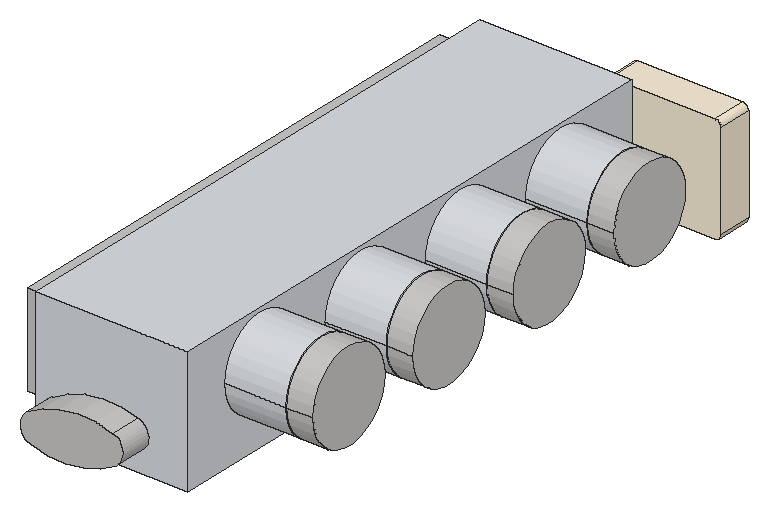
Revit family "HVAC_Ductwork_Airzone_Motorized-Plenum_Samsung_Low-Profile_4-Dampers", category Mechanical Equipment, Revit 2016
Family settings
  Part Type = Normal
  Round Connector Dimension = Use Diameter
  OmniClass Number = 23.75.70.14
  OmniClass Title = Air Ductwork
  Work Plane-Based = No
  Always vertical = Yes
  Cut with Voids When Loaded = No
  Shared = No
  Room Calculation Point = No
Parameters (values of type "SAMSL02M4")
  Voltage = 230 V
  URL = "www.airzone.es"
  Type Image Comments = "Image available in product documentation download"  # constant formula
  Revit Model Version = "1.0"  # constant formula
  Revit Model Author URL = "www.a3d.es"
  Revit Model Author = "A3D Consulting"  # constant formula
  Product Documentation Download URL = "http://doc.airzone.es/BIM/Easyzone/Samsung-Airzone_motorized_plenum.zip"
  Product Comments = "Refer to technical documentation for further details"  # constant formula
  Power Factor = 1
  Neck Width = 863.600 mm
  Neck Length = 40.000 mm
  Neck Height = 155.600 mm
  Material = Metal - AIRZONE - Galvanized Sheet - Semi-polished
  Main Control Board Material = Plastic - AIRZONE - Smooth - Off-white
  Load Classification = Other
  Insulated Body Width = 255.000 mm  # constant formula
  Insulated Body Material = Metal -AIRZONE - Insulating Lining -Aluminum Finish
  Insulated Body Length = 930.000 mm  # constant formula
  Insulated Body Height = 210.000 mm  # constant formula
  Flow [instance] = Damper 4 Air Flow + Damper 3 Air Flow + Damper 2 Air Flow + Damper 1 Air Flow - Fresh Air Inlet 2 Flow - Fresh Air Inlet 1 Flow  # 1200 m³/h
  Fresh Air Inlet 1 Flow [instance] = 0 m³/h
  Fresh Air Inlet 2 Flow [instance] = 0 m³/h
  Fresh Air Inlet Connection Width = 175.000 mm
  Fresh Air Inlet Connection Height = 75.000 mm
  Model = "SAMSL02M4"
  Neck Side Offset = 33.200 mm
  Neck Bottom Offset = 32.700 mm
  Type Image = <None>
  Manufacturer = "AIRZONE"  # constant formula
  Main Control Board Depth = 57.000 mm  # constant formula
  Main Control Board Width = 195.000 mm  # constant formula
  Main Control Board Height = 180.000 mm  # constant formula
  Fixing = ""
  Disclaimer = "All information provided in this model is reviewed before being published. However, Airzone cannot guarantee this model is error-free, therefore users are strongly encouraged to check for technical documentation and updates"  # constant formula
  Description = "Airzone low profile motorized plenum with neck that mechanically adapts to the main ducted AC units of Samsung."
  Type Comments = ""
  Dampers Length = 149.000 mm  # constant formula
  Dampers Diameter = 150.000 mm  # constant formula
  Damper 4 Air Flow [instance] = 300 m³/h
  Damper 1 Air Flow [instance] = 300 m³/h
  Damper 2 Air Flow [instance] = 300 m³/h
  Damper 3 Air Flow [instance] = 300 m³/h
  Fresh Air Inlet Connection Offset Height = 48.305 mm  # constant formula
  Compatible Accesories = ""
  Apparent Load = 57.5 VA
Types (3, lengths in mm): name | Model
  SAMSL02M4 | "SAMSL02M4"
  SAMSL03M4 | "SAMSL03M4"
  SAMSL04M4 | "SAMSL04M4"
Reference planes
  plane 1 "Center (Front/Back)": y = 0
  plane 2 "Center (Elevation)": z = 0
  plane 3 "Center (Left/Right)": x = 0
  plane 4 "Neck Back": y = 431.8
  plane 5 "Neck Front": y = -431.8
  plane 6 "Neck Top": z = 77.8
  plane 7 "Neck Bottom": z = -77.8
  plane 8 "Left": x = 40
  plane 9 "Bottom": z = -110.5
  plane 10 "Top": z = 99.5
  plane 11 "Front": y = -465
  plane 12 "Back": y = 465
  plane 13 "Right": x = 295
  plane 14 "Dampers Front": x = 444
  plane 15 "Dampers Center (Elevation)": z = 19.5
  plane 16 "Damper3": y = -105
  plane 17 "Damper2": y = 105
  plane 18 "Damper1": y = 315
  plane 19 "Middle": y = 0
  plane 20 "FreshAir Center (Elevation)": z = -62.195
  plane 21 "FreshAir1": y = 517.5
  plane 22 "FreshAir2": y = -517.5
  plane 23 "Dampers Lining": x = 399
  plane 24 "FreshAir Vertical Axis": x = 142.04
  plane 25 "ConnectionBox Side": x = 249
  plane 26 "Main Control Board Center (Left/Right)": x = 346.5
  plane 27 "Damper4": y = -315
Forms (mm)
  Extrusion 1, solid, material "Metal - AIRZONE - Galvanized Sheet - Semi-polished" <- "Material"
    sketch origin (0, 0, 0) x (0, 1, 0) y (0, 0, 1)
      loop
        line (-431.8, 77.8) -> (-431.8, -77.8) -> (431.8, -77.8) -> (431.8, 77.8) -> (-431.8, 77.8)
    from 0 to 40
  Extrusion 2, solid, material "Metal -AIRZONE - Insulating Lining -Aluminum Finish" <- "Insulated Body Material"
    sketch origin (40, 0, 0) x (0, 1, 0) y (0, 0, 1)
      loop
        line (-465, 99.5) -> (-465, -110.5) -> (465, -110.5) -> (465, 99.5) -> (-465, 99.5)
    from 0 to 255
  Extrusion 3, solid, material "Metal - AIRZONE - Galvanized Sheet - Semi-polished" <- "Material"
    sketch origin (295, 0, 0) x (0, 1, 0) y (0, 0, 1)
      loop
        circle (-105, 19.5) r 75
    from 104 to 149
  Extrusion 4, solid, material "Metal - AIRZONE - Galvanized Sheet - Semi-polished" <- "Material"
    sketch origin (295, 0, 0) x (0, 1, 0) y (0, 0, 1)
      loop
        circle (105, 19.5) r 75
    from 104 to 149
  Extrusion 5, solid, material "Metal - AIRZONE - Galvanized Sheet - Semi-polished" <- "Material"
    sketch origin (295, 0, 0) x (0, 1, 0) y (0, 0, 1)
      loop
        circle (315, 19.5) r 75
    from 104 to 149
  Extrusion 6, solid, material "Metal - AIRZONE - Galvanized Sheet - Semi-polished" <- "Material"
    sketch origin (0, -465, 0) x (0, 0, 1) y (1, 0, 0)
      loop
        arc (-29.641, 211.414) -> (-51.108, 228.315) -> (-75.812, 216.644) r 25.96
        arc (-75.812, 216.644) -> (-101.802, 146.808) -> (-94.349, 72.666) r 164.67
        arc (-94.349, 72.666) -> (-73.165, 55.799) -> (-48.494, 66.961) r 25.96
        arc (-48.494, 66.961) -> (-22.225, 136.99) -> (-29.641, 211.414) r 164.67
    from 0 to -52.5
  Extrusion 7, solid, material "Metal - AIRZONE - Galvanized Sheet - Semi-polished" <- "Material"
    sketch origin (0, 465, 0) x (0, 0, 1) y (1, 0, 0)
      loop
        arc (-29.641, 211.414) -> (-50.825, 228.281) -> (-75.496, 217.119) r 25.96
        arc (-75.496, 217.119) -> (-101.679, 147.74) -> (-94.767, 73.909) r 164.67
        arc (-94.767, 73.909) -> (-73.532, 55.847) -> (-48.178, 67.436) r 25.96
        arc (-48.178, 67.436) -> (-22.188, 137.272) -> (-29.641, 211.414) r 164.67
    from 0 to 52.5
  Extrusion 8, solid, material "Metal -AIRZONE - Insulating Lining -Aluminum Finish" <- "Insulated Body Material"
    sketch origin (295, 0, 0) x (0, 1, 0) y (0, 0, 1)
      loop
        circle (315, 19.5) r 75
    from 0 to 104
  Extrusion 9, solid, material "Metal -AIRZONE - Insulating Lining -Aluminum Finish" <- "Insulated Body Material"
    sketch origin (295, -260, 0) x (0, 1, 0) y (0, 0, 1)
      loop
        circle (365, 19.5) r 75
    from 0 to 104
  Extrusion 10, solid, material "Metal -AIRZONE - Insulating Lining -Aluminum Finish" <- "Insulated Body Material"
    sketch origin (295, -520, 0) x (0, 1, 0) y (0, 0, 1)
      loop
        circle (415, 19.5) r 75
    from 0 to 104
  Extrusion 11, solid, material "Metal - AIRZONE - Galvanized Sheet - Semi-polished" <- "Material"
    sketch origin (295, -190, 0) x (0, 1, 0) y (0, 0, 1)
      loop
        circle (-125, 19.5) r 75
    from 104 to 149
  Extrusion 12, solid, material "Metal -AIRZONE - Insulating Lining -Aluminum Finish" <- "Insulated Body Material"
    sketch origin (295, -710, 0) x (0, 1, 0) y (0, 0, 1)
      loop
        circle (395, 19.5) r 75
    from 0 to 104
Lines and regions (mm)
  Masking region 1
    outline origin (0, 0, 0) x (1, 0, 0) y (0, 1, 0)
      loop
        line (40, 465) -> (40, -465) -> (295, -465) -> (295, 465) -> (40, 465)
  Masking region 2, detail levels medium+fine
    outline origin (0, 0, 0) x (1, 0, 0) y (0, 1, 0)
      loop
        line (0, 431.8) -> (0, -431.8) -> (40, -431.8) -> (40, 431.8) -> (0, 431.8)
  Masking region 3, detail levels medium+fine
    outline origin (0, 0, 0) x (1, 0, 0) y (0, 1, 0)
      loop
        line (295, -30) -> (295, -180) -> (444, -180) -> (444, -30) -> (295, -30)
  Masking region 4, detail levels medium+fine
    outline origin (0, 260, 0) x (1, 0, 0) y (0, 1, 0)
      loop
        line (295, -80) -> (295, -230) -> (444, -230) -> (444, -80) -> (295, -80)
  Masking region 5, detail levels medium+fine
    outline origin (0, 520, 0) x (1, 0, 0) y (0, 1, 0)
      loop
        line (295, -130) -> (295, -280) -> (444, -280) -> (444, -130) -> (295, -130)
  Masking region 6, detail levels medium+fine
    outline origin (0, 0, -62.195) x (1, 0, 0) y (0, 1, 0)
      loop
        line (54.54, 517.5) -> (54.54, 465) -> (229.54, 465) -> (229.54, 517.5) -> (54.54, 517.5)
  Masking region 7, detail levels medium+fine
    outline origin (0, 0, -62.195) x (1, 0, 0) y (0, 1, 0)
      loop
        line (54.54, -465) -> (54.54, -517.5) -> (229.54, -517.5) -> (229.54, -465) -> (54.54, -465)
  Masking region 8, detail levels medium+fine
    outline origin (0, 0, 99.5) x (0, -1, 0) y (1, 0, 0)
      loop
        line (-522, 249) -> (-465, 249) -> (-465, 444) -> (-522, 444) -> (-522, 249)
  Masking region 9, detail levels medium+fine
    outline origin (0, -190, 0) x (1, 0, 0) y (0, 1, 0)
      loop
        line (295, -50) -> (295, -200) -> (444, -200) -> (444, -50) -> (295, -50)
  symbolic lines, detail levels coarse
    curve 1: line (40, -465, 0) -> (295, 0, 0)
    curve 2: line (295, 0, 0) -> (40, 465, 0)
Dimensions and locks
  equal spacing: plane 4 "Neck Back", plane 1 "Center (Front/Back)", plane 5 "Neck Front"
  "Neck Width": plane 4 "Neck Back" to plane 5 "Neck Front"
  equal spacing: plane 6 "Neck Top", level, plane 7 "Neck Bottom"
  "Neck Height": plane 6 "Neck Top" to plane 7 "Neck Bottom"
  "Neck Length": plane 3 "Center (Left/Right)" to plane 8 "Left"
  "Neck Bottom Offset": plane 7 "Neck Bottom" to plane 9 "Bottom"
  "Insulated Body Height": plane 10 "Top" to plane 9 "Bottom"
  "Insulated Body Length": plane 12 "Back" to plane 11 "Front"
  "Insulated Body Width": plane 8 "Left" to plane 13 "Right"
  "Dampers Length": plane 13 "Right" to plane 14 "Dampers Front"
  equal spacing: plane 12 "Back", plane 19 "Middle", plane 11 "Front"
  plane 8 "Left" to plane 13 "Right" = 255.000 mm
  "Fresh Air Inlet Connection Offset Height": plane 20 "FreshAir Center (Elevation)" to plane 9 "Bottom"
  locked: Extrusion 6 sketch curve to plane 9 "Bottom" at 56.47
  locked: Extrusion 6 sketch curve to plane 8 "Left" at 162.52
  locked: Extrusion 6 sketch curve to plane 8 "Left" at 41.56
  locked: Extrusion 6 sketch curve to plane 9 "Bottom" at 40.54
  locked: Extrusion 6 sketch curve to plane 8 "Left" at 118.3
  locked: plane 9 "Bottom" to Extrusion 6 sketch curve at 75.01
  locked: Extrusion 6 sketch curve to plane 8 "Left" at 85.78
  locked: Extrusion 6 sketch curve to plane 9 "Bottom" at 172.02
  locked: Extrusion 7 sketch curve to plane 8 "Left" at 162.52
  locked: Extrusion 7 sketch curve to plane 9 "Bottom" at 56.47
  locked: Extrusion 7 sketch curve to plane 9 "Bottom" at 40.54
  locked: Extrusion 7 sketch curve to plane 8 "Left" at 41.56
  locked: Extrusion 7 sketch curve to plane 8 "Left" at 85.78
  locked: Extrusion 7 sketch curve to plane 9 "Bottom" at 172.02
  locked: plane 9 "Bottom" to Extrusion 7 sketch curve at 75.01
  locked: Extrusion 7 sketch curve to plane 8 "Left" at 118.3
  "Neck Side Offset": plane 12 "Back" to plane 4 "Neck Back"
  locked: plane 21 "FreshAir1" to plane 12 "Back" at 52.5
  plane 11 "Front" to plane 22 "FreshAir2" = 52.500 mm
  locked: plane 20 "FreshAir Center (Elevation)" to connector elem
  locked: connector elem to plane 20 "FreshAir Center (Elevation)"
  locked: plane 23 "Dampers Lining" to plane 14 "Dampers Front" at 45
  locked: plane 8 "Left" to plane 24 "FreshAir Vertical Axis" at 102.04
  equal spacing: Masking region 3 sketch curve, plane 16 "Damper3", Masking region 3 sketch curve
  "Dampers Diameter": Masking region 3 sketch curve to Masking region 3 sketch curve
  "Dampers Diameter": Masking region 4 sketch curve to Masking region 4 sketch curve
  equal spacing: Masking region 5 sketch curve, plane 18 "Damper1", Masking region 5 sketch curve
  "Dampers Diameter": Masking region 5 sketch curve to Masking region 5 sketch curve
  equal spacing: Masking region 6 sketch curve, plane 24 "FreshAir Vertical Axis", Masking region 6 sketch curve
  "Fresh Air Inlet Connection Width": Masking region 6 sketch curve to Masking region 6 sketch curve
  equal spacing: Masking region 7 sketch curve, plane 24 "FreshAir Vertical Axis", Masking region 7 sketch curve
  "Fresh Air Inlet Connection Width": Masking region 7 sketch curve to Masking region 7 sketch curve
  "Main Control Board Depth": Masking region 8 sketch curve to plane 12 "Back"
  "Main Control Board Width": plane 25 "ConnectionBox Side" to plane 14 "Dampers Front"
  equal spacing: plane 25 "ConnectionBox Side", plane 26 "Main Control Board Center (Left/Right)", plane 14 "Dampers Front"
  locked: nested 1 to plane 10 "Top" at 10
  equal spacing: Masking region 4 sketch curve, plane 17 "Damper2", Masking region 4 sketch curve
  equal spacing: Masking region 9 sketch curve, plane 27 "Damper4", Masking region 9 sketch curve
  "Dampers Diameter": Masking region 9 sketch curve to Masking region 9 sketch curve
  plane 18 "Damper1" to plane 17 "Damper2" to plane 16 "Damper3" to plane 27 "Damper4" = 210.000 mm locked, 210.000 mm locked, 210.000 mm locked
  locked: plane 17 "Damper2" to plane 19 "Middle" at 105
  locked: plane 24 "FreshAir Vertical Axis" to connector elem
  locked: connector elem to plane 24 "FreshAir Vertical Axis"
  locked: plane 10 "Top" to plane 15 "Dampers Center (Elevation)" at 80
  "Dampers Diameter": diameter of Extrusion 3 sketch curve
  "Dampers Diameter": diameter of Extrusion 4 sketch curve
  "Dampers Diameter": diameter of Extrusion 5 sketch curve
  radius of Extrusion 7 sketch curve = 164.670 mm  (x2)
  radius of Extrusion 7 sketch curve = 25.960 mm  (x2)
  radius of Extrusion 6 sketch curve = 164.670 mm  (x2)
  radius of Extrusion 6 sketch curve = 25.960 mm  (x2)
  "Dampers Diameter": diameter of Extrusion 8 sketch curve
  "Dampers Diameter": diameter of Extrusion 9 sketch curve
  "Dampers Diameter": diameter of Extrusion 10 sketch curve
  "Dampers Diameter": diameter of Extrusion 11 sketch curve
  "Dampers Diameter": diameter of Extrusion 12 sketch curve
  aligned and locked: level to plane 2 "Center (Elevation)"
  aligned and locked: plane 5 "Neck Front" to Extrusion 1 sketch curve
  aligned and locked: Extrusion 1 sketch curve to plane 6 "Neck Top"
  aligned and locked: Extrusion 1 sketch curve to plane 4 "Neck Back"
  aligned and locked: plane 7 "Neck Bottom" to Extrusion 1 sketch curve
  aligned and locked: Extrusion 1 to plane 3 "Center (Left/Right)"
  aligned and locked: Extrusion 2 sketch curve to plane 10 "Top"
  aligned and locked: Extrusion 2 sketch curve to plane 12 "Back"
  aligned and locked: plane 9 "Bottom" to Extrusion 2 sketch curve
  aligned and locked: plane 11 "Front" to Extrusion 2 sketch curve
  aligned and locked: plane 13 "Right" to Extrusion 2
  aligned and locked: Extrusion 2 to plane 8 "Left"
  aligned and locked: plane 16 "Damper3" to Extrusion 3 sketch curve
  aligned and locked: plane 15 "Dampers Center (Elevation)" to Extrusion 3 sketch curve
  aligned and locked: plane 15 "Dampers Center (Elevation)" to Extrusion 4 sketch curve
  aligned and locked: plane 18 "Damper1" to Extrusion 5 sketch curve
  aligned and locked: plane 15 "Dampers Center (Elevation)" to Extrusion 5 sketch curve
  aligned and locked: plane 14 "Dampers Front" to Extrusion 5
  aligned and locked: plane 14 "Dampers Front" to Extrusion 4
  aligned and locked: plane 14 "Dampers Front" to Extrusion 3
  aligned and locked: plane 8 "Left" to Extrusion 1
  aligned and locked: plane 22 "FreshAir2" to Extrusion 6
  aligned and locked: plane 21 "FreshAir1" to Extrusion 7
  aligned and locked: Extrusion 7 to plane 12 "Back"
  aligned and locked: plane 11 "Front" to Extrusion 6
  aligned and locked: Extrusion 5 to plane 23 "Dampers Lining"
  aligned and locked: Extrusion 5 to Extrusion 4
  aligned and locked: Extrusion 4 to Extrusion 3
  aligned and locked: plane 23 "Dampers Lining" to Extrusion 8
  aligned and locked: Extrusion 10 to plane 13 "Right"
  aligned and locked: plane 23 "Dampers Lining" to Extrusion 10
  aligned and locked: Extrusion 9 to plane 13 "Right"
  aligned and locked: plane 23 "Dampers Lining" to Extrusion 9
  aligned and locked: Extrusion 8 to plane 13 "Right"
  aligned and locked: Extrusion 9 to Extrusion 8
  aligned and locked: plane 18 "Damper1" to Extrusion 8 sketch curve
  aligned and locked: plane 15 "Dampers Center (Elevation)" to Extrusion 8 sketch curve
  aligned and locked: plane 15 "Dampers Center (Elevation)" to Extrusion 9 sketch curve
  aligned and locked: plane 16 "Damper3" to Extrusion 10 sketch curve
  aligned and locked: plane 15 "Dampers Center (Elevation)" to Extrusion 10 sketch curve
  aligned and locked: Masking region 1 sketch curve to plane 12 "Back"
  aligned and locked: plane 8 "Left" to Masking region 1 sketch curve
  aligned and locked: Masking region 1 sketch curve to plane 13 "Right"
  aligned and locked: plane 11 "Front" to Masking region 1 sketch curve
  aligned and locked: plane 5 "Neck Front" to Masking region 2 sketch curve
  aligned and locked: plane 3 "Center (Left/Right)" to Masking region 2 sketch curve
  aligned and locked: Masking region 2 sketch curve to plane 4 "Neck Back"
  aligned and locked: Masking region 2 sketch curve to plane 8 "Left"
  aligned and locked: plane 13 "Right" to Masking region 3 sketch curve
  aligned and locked: Masking region 3 sketch curve to plane 14 "Dampers Front"
  aligned and locked: plane 13 "Right" to Masking region 4 sketch curve
  aligned and locked: Masking region 4 sketch curve to plane 14 "Dampers Front"
  aligned and locked: plane 13 "Right" to Masking region 5 sketch curve
  aligned and locked: Masking region 5 sketch curve to plane 14 "Dampers Front"
  aligned and locked: plane 12 "Back" to Masking region 6 sketch curve
  aligned and locked: Masking region 6 sketch curve to plane 21 "FreshAir1"
  aligned and locked: Masking region 7 sketch curve to plane 11 "Front"
  aligned and locked: Masking region 7 sketch curve to plane 22 "FreshAir2"
  aligned and locked: plane 12 "Back" to Masking region 8 sketch curve
  aligned and locked: Masking region 8 sketch curve to plane 14 "Dampers Front"
  aligned and locked: plane 25 "ConnectionBox Side" to Masking region 8 sketch curve
  aligned and locked: plane 17 "Damper2" to Extrusion 9 sketch curve
  aligned and locked: plane 17 "Damper2" to Extrusion 4 sketch curve
  aligned and locked: Masking region 9 sketch curve to plane 14 "Dampers Front"
  aligned and locked: plane 13 "Right" to Masking region 9 sketch curve
  aligned and locked: Extrusion 12 to plane 13 "Right"
  aligned and locked: plane 23 "Dampers Lining" to Extrusion 12
  aligned and locked: Extrusion 11 to plane 23 "Dampers Lining"
  aligned and locked: plane 14 "Dampers Front" to Extrusion 11
  aligned and locked: plane 15 "Dampers Center (Elevation)" to Extrusion 12 sketch curve
  aligned and locked: plane 27 "Damper4" to Extrusion 12 sketch curve
  aligned and locked: plane 15 "Dampers Center (Elevation)" to Extrusion 11 sketch curve
  aligned and locked: plane 27 "Damper4" to Extrusion 11 sketch curve
  aligned and locked: nested 1 to plane 26 "Main Control Board Center (Left/Right)"
Automatic sketch dimensions
  curve 2 to plane 8 "Left" = 0.000 mm
  curve 1 to plane 8 "Left" = 0.000 mm
  curve 2 to plane 13 "Right" = 0.000 mm
  curve 1 to plane 11 "Front" = 0.000 mm
  curve 2 to plane 19 "Middle" = 0.000 mm
  curve 2 to plane 12 "Back" = 0.000 mm
Nested families
  nested 1: "Airzone_Main-Control-Board" at (346.5, 465, -0.5) x (-1, 0, 0) z (0, 1, 0), Extrusion <- "Main Control Board Depth", Height <- "Main Control Board Height", Width <- "Main Control Board Width", Material <- "Main Control Board Material", type "Standard"
    with Width 195.000 mm, Material Plastic - AIRZONE - Smooth - Off-white, Height 180.000 mm, Extrusion 57.000 mm
Connectors
  hvac at (444, -105, 19.5), driven by "Damper 3 Air Flow", driven by "Dampers Diameter"
    settings: on Extrusion 3, index 1, duct flow 300 m³/h, flow factor 0, pres drop 0.0 Pa, loss coef 0, conn angle 0.00°, conn width 304.8 mm, conn height 304.8 mm, conn diameter 150 mm, duct sys type 1, conn prof type 0, flow config 0, flow direction 2, loss method 0, conn ref index -1, conn util no, is conn primary no, conn desc "Supply Air Out 3"
  hvac at (444, 105, 19.5), driven by "Damper 2 Air Flow", driven by "Dampers Diameter"
    settings: on Extrusion 4, index 2, duct flow 300 m³/h, flow factor 0, pres drop 0.0 Pa, loss coef 0, conn angle 0.00°, conn width 304.8 mm, conn height 304.8 mm, conn diameter 150 mm, duct sys type 1, conn prof type 0, flow config 0, flow direction 2, loss method 0, conn ref index -1, conn util no, is conn primary no, conn desc "Supply Air Out 2"
  hvac at (444, 315, 19.5), driven by "Damper 1 Air Flow", driven by "Dampers Diameter"
    settings: on Extrusion 5, index 3, duct flow 300 m³/h, flow factor 0, pres drop 0.0 Pa, loss coef 0, conn angle 0.00°, conn width 304.8 mm, conn height 304.8 mm, conn diameter 150 mm, duct sys type 1, conn prof type 0, flow config 0, flow direction 2, loss method 0, conn ref index -1, conn util no, is conn primary no, conn desc "Supply Air Out 1"
  hvac at (0, 0, 0), driven by "Flow", driven by "Neck Height", driven by "Neck Width"
    settings: on Extrusion 1, index 6, duct flow 1200 m³/h, flow factor 0, pres drop 0.0 Pa, loss coef 0, conn angle 0.00°, conn width 863.6 mm, conn height 155.6 mm, conn diameter 609.6 mm, duct sys type 1, conn prof type 1, flow config 1, flow direction 1, loss method 0, conn ref index -1, conn util no, is conn primary yes, conn desc "Supply Air In"
  hvac at (142.04, -517.5, -62.195), driven by "Fresh Air Inlet 2 Flow", driven by "Fresh Air Inlet Connection Width", driven by "Fresh Air Inlet Connection Height"
    settings: index 7, duct flow 0 m³/h, flow factor 0, pres drop 0.0 Pa, loss coef 0, conn angle 0.00°, conn width 175 mm, conn height 75 mm, conn diameter 609.6 mm, duct sys type 1, conn prof type 2, flow config 1, flow direction 1, loss method 0, conn ref index -1, conn util no, is conn primary no, conn desc "Fresh Air In 2"
  hvac at (142.04, 517.5, -62.195), driven by "Fresh Air Inlet 1 Flow", driven by "Fresh Air Inlet Connection Height", driven by "Fresh Air Inlet Connection Width"
    settings: index 8, duct flow 0 m³/h, flow factor 0, pres drop 0.0 Pa, loss coef 0, conn angle 0.00°, conn width 175 mm, conn height 75 mm, conn diameter 609.6 mm, duct sys type 1, conn prof type 2, flow config 1, flow direction 1, loss method 0, conn ref index -1, conn util no, is conn primary no, conn desc "Fresh Air In 1"
  hvac at (444, -315, 19.5), driven by "Damper 4 Air Flow", driven by "Dampers Diameter"
    settings: on Extrusion 11, index 9, duct flow 300 m³/h, flow factor 0, pres drop 0.0 Pa, loss coef 0, conn angle 0.00°, conn width 304.8 mm, conn height 304.8 mm, conn diameter 150 mm, duct sys type 1, conn prof type 0, flow config 0, flow direction 2, loss method 0, conn ref index -1, conn util no, is conn primary no, conn desc "Supply Air Out 4"
  electrical at (346.5, 522, -0.5), driven by "Load Classification", driven by "Voltage", driven by "Apparent Load", driven by "Power Factor"
    settings: on nested 1, index 10, voltage 230 V, apparent load 57.5 VA, apparent load phase1 0 VA, apparent load phase2 0 VA, apparent load phase3 0 VA, power factor 1, load classification "Other", number of poles 1, system type 30, power factor state 1, is connector primary yes, connector utility no, sub classification motor no, connector description "Power Supply"
Definition of nested family "Airzone_Main-Control-Board"
  Parameters (values of type "Standard")
    Width [instance] = 195.000 mm
    URL = "www.airzone.es"
    Revit Model Version = "1.0"  # constant formula
    Revit Model Author URL = "www.a3d.es"
    Revit Model Author = "A3D Consulting"  # constant formula
    Material [instance] = none
    Manufacturer = "AIRZONE"  # constant formula
    Height [instance] = 180.000 mm
    Extrusion [instance] = 57.000 mm
    Default Elevation = 0.000 mm
  Reference planes
    plane 1 "Center (Front/Back)": y = 0
    plane 2: z = 0
    plane 3 "Center (Left/Right)": x = 0
    plane 4: y = 90
    plane 5: y = -90
    plane 6: x = 97.5
    plane 7: x = -97.5
  Forms (mm)
    Extrusion 1, solid, material <- "Material"
      sketch origin (0, 0, 0) x (1, 0, 0) y (0, 1, 0)
        loop
          arc (-87.5, 90) -> (-94.571, 87.071) -> (-97.5, 80) r 10
          line (-97.5, 80) -> (-97.5, -80)
          arc (-97.5, -80) -> (-94.571, -87.071) -> (-87.5, -90) r 10
          line (-87.5, -90) -> (87.5, -90)
          arc (87.5, -90) -> (94.571, -87.071) -> (97.5, -80) r 10
          line (97.5, -80) -> (97.5, 80)
          arc (97.5, 80) -> (94.571, 87.071) -> (87.5, 90) r 10
          line (87.5, 90) -> (-87.5, 90)
      from 0 to 57 <- "Extrusion"
  Dimensions and locks
    equal spacing: plane 7, plane 3 "Center (Left/Right)", plane 6
    equal spacing: plane 4, plane 1 "Center (Front/Back)", plane 5
    "Width": plane 7 to plane 6
    "Height": plane 4 to plane 5
    radius of Extrusion 1 sketch curve = 10.000 mm  (x4)
    aligned and locked: level to plane 2
    aligned and locked: plane 5 to Extrusion 1 sketch curve
    aligned and locked: Extrusion 1 sketch curve to plane 6
    aligned and locked: Extrusion 1 sketch curve to plane 4
    aligned and locked: plane 7 to Extrusion 1 sketch curve
